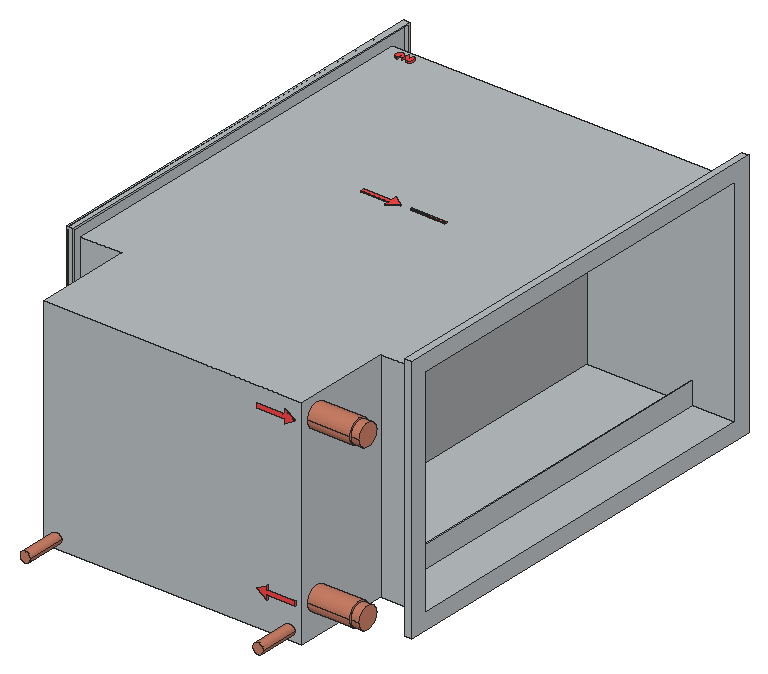
Revit family "NLRS_57_DUA_UN_rectangular-cooloer-acxkkx15-22_LT_sacs", category Duct Accessories, Revit 2023
Family settings
  Round Connector Dimension = Use Diameter
  Part Type = Breaks Into
  OmniClass Number = 23.75.10.24.21
  OmniClass Title = Cooling and Freeze Components
  Work Plane-Based = No
  Always vertical = Yes
  Cut with Voids When Loaded = No
  Shared = No
Parameters (values of type "ACxKKx15-22")
  Water connection Right [instance] = yes
  Type IFC Predefined Type = "Cooler"
  SACS_Y_Offset2 [instance] = if(Water connection Right, SACS_Duct_Width + SACS_Length_Y - 20 mm, 65 mm)  # 545 mm
  SACS_Y_Offset [instance] = if(Water connection Right, 0 mm, SACS_Length_Y + 45 mm)  # 0 mm
  SACS_Warning_Text_Size [instance] = if(SACS_Warning_Size, "Invalid duct size. Nearest larger size selected", " ")  # " "
  SACS_Warning_Text_Other [instance] = if(SACS_Warning_Other, "Selected configuration not allowed", if([Cooler circuits (1-26)] > 22, "Use family ACxKKx23-26", if([Cooler circuits (1-26)] < 8, "Use family ACxKKx1-7", if([Cooler circuits (1-26)] < 15, "Use family ACxKKx8-14", " "))))  # " "
  SACS_Warning_Size [instance] = or(not(NLRS_M_c01_breedte = SACS_Duct_Width), not(NLRS_M_c01_hoogte = SACS_Duct_Height))  # no
  SACS_Warning_Sign [instance] = and(not(SACS_Disable_Warning), or(SACS_Warning_Size, SACS_Warning_Other))  # no
  SACS_Warning_Other [instance] = or([Cooler rows (2-10)] < 2, [Cooler rows (2-10)] > 10, [Cooler circuits (1-26)] < 1, [Cooler circuits (1-26)] > 26)  # no
  SACS_Use_Manual_Airflow [instance] = no
  SACS_Right_Box [instance] = if(Water connection Right, SACS_Duct_Width + SACS_Length_Y, SACS_Y_Offset - 1 mm)  # 565 mm
  SACS_Plenum_L [instance] = if(SACS_Index1 < 7 mm, 400 mm, 500 mm)  # 400 mm
  SACS_Offset2 [instance] = if(Water connection Right, SACS_Right_Box + 45 mm, 45 mm)  # 610 mm
  SACS_Offset1 [instance] = if(Water connection Right, SACS_Right_Box, 0 mm)  # 565 mm
  SACS_Model [instance] = size_lookup(SACS_Data_Hidden, "Model", "NB", SACS_Duct_Width, SACS_Duct_Height, SACS_Index1, SACS_Index2, SACS_Index3)  # "AC2KKR-25-15 450x250"
  SACS_Manual_Airflow [instance] = 0.0 m³/h
  SACS_Left_Box [instance] = if(Water connection Right, SACS_Duct_Width + 1 mm, 45 mm)  # 451 mm
  SACS_Index3 [instance] = if(Water connection Right, 0 mm, 1 mm)  # 0 mm
  SACS_Index2 [instance] = if([Cooler circuits (1-26)] < 1, 1, if([Cooler circuits (1-26)] > 26, 26, [Cooler circuits (1-26)])) * 1 mm  # 15 mm
  SACS_Index1 [instance] = if([Cooler rows (2-10)] < 2, 2, if([Cooler rows (2-10)] > 10, 10, [Cooler rows (2-10)])) * 1 mm  # 2 mm
  SACS_Disable_Warning [instance] = no
  SACS_Data_Hidden [instance] = if(Water connection Right, "AC-KKR_15-22", "AC-KKL_15-22")  # "AC-KKR_15-22"
  SACS_Battery_Length [instance] = SACS_Index1 * 28  # 56 mm
  URL = "https://solid-air.nl/producten/solid-air-nakoeler-ac-k/"
  Type Comments = "Check flow directions, do not mirror!"  # constant formula
  SACS_Y_Offset3 [instance] = if(Water connection Right, -1 mm, SACS_Length_Y - 1 mm)  # -1 mm
  SACS_Type_Mark [instance] = ""
  SACS_Offset_RL [instance] = if(Water connection Right, 20 mm, SACS_Duct_Width + SACS_Length_Y - 19 mm)  # 20 mm
  SACS_Length_Y [instance] = 90 mm + NLRS_P_c01_diameter  # 115 mm
  SACS_Index_Side [instance] = if(Water connection Right, 0, 1)  # 0
  SACS_Flange_Height [instance] = if(or(SACS_Duct_Height > 650 mm, SACS_Duct_Width > 650 mm), 29 mm, 19 mm)  # 19 mm
  SACS_Duct_Width [instance] = if(roundup(NLRS_M_c01_breedte / 50 mm) * 50 < 200, 200 mm, if(roundup(NLRS_M_c01_breedte / 50 mm * 50) > 2000, 2000 mm, roundup(NLRS_M_c01_breedte / 50 mm) * 50 mm))  # 450 mm
  SACS_Duct_Height [instance] = if(roundup(NLRS_M_c01_hoogte / 50 mm) * 50 < 200, 200 mm, if(roundup(NLRS_M_c01_hoogte / 50 mm * 50) > 1600, 1600 mm, roundup(NLRS_M_c01_hoogte / 50 mm) * 50 mm))  # 250 mm
  SACS_Diameter2 [instance] = NLRS_P_c01_diameter + 2 mm  # 27 mm
  SACS_Air_Flow [instance] = 0.0 m³/h
  SA-Select [instance] = "https://saselect.solid-air.nl/"
  NLRS_P_c01_drukverlies_statisch [instance] = 0.0 Pa
  NLRS_P_c01_diameter [instance] = if([Cooler circuits (1-26)] < 8, 15 mm, if([Cooler circuits (1-26)] < 15, 20 mm, if([Cooler circuits (1-26)] < 23, 25 mm, 32 mm)))  # 25 mm
  NLRS_M_c01_hoogte [instance] = 250 mm
  NLRS_M_c01_drukverlies_statisch [instance] = 0.0 Pa
  NLRS_M_c01_breedte [instance] = 450 mm
  NLRS_C_model [instance] = SACS_Model  # "AC2KKR-25-15 450x250"
  NLRS_C_description = Description  # "Cooling battery AC_KK - Rectangular connector - Solid Air"
  NLRS_C_content_versie = "4.23.01"  # constant formula
  NLRS_C_content_provider = "Solid Air Climate Solutions"  # constant formula
  NLRS_C_content_datum_uitgifte = "01-04-2026"  # constant formula
  NLRS_C_content_creator = "J. Feeke"  # constant formula
  NLRS_C_artikel_code [instance] = size_lookup(SACS_Data_Hidden, "Artikelcode", "NB", SACS_Duct_Width, SACS_Duct_Height, SACS_Index1, SACS_Index2, SACS_Index3)  # "NB"
  Export Type to IFC As = "IfcHeatExchanger"
  Default Elevation = 0 mm
  NLRS_P_c01_volumestroom [instance] = 0.0 L/s
  NLRS_M_c01_debiet [instance] = abs(if(SACS_Use_Manual_Airflow, SACS_Manual_Airflow, SACS_Air_Flow))  # 0.0 m³/h
  Model = "AC_KK"  # constant formula
  Manufacturer = "Solid Air Climate Solutions"  # constant formula
  LoadBearing [instance] = 1 = 0  # no
  Keynote = ""
  IsExternal [instance] = 1 = 0  # no
  IfcExportType = "Cooler"  # constant formula
  IfcExportAs = "IfcHeatExchanger"  # constant formula
  IfcDescription = Description  # "Cooling battery AC_KK - Rectangular connector - Solid Air"
  Cooler rows (2-10) [instance] = 2
  FireRating [instance] = "00"  # constant formula
  Description = "Cooling battery AC_KK - Rectangular connector - Solid Air"  # constant formula
  Cost = 0
  Cooler circuits (1-26) [instance] = 15
  Assembly Code = "57.00"
Reference planes
  plane 1 "Center (Front/Back)": y = 0
  plane 2: z = 0
  plane 3 "Center (Left/Right)": x = 0
  plane 4 "top": z = 125
  plane 5 "bottom": z = -125
  plane 6 "left": x = -200
  plane 7 "right": x = 200
  plane 8 "back": y = 225
  plane 9 "Front": y = -225
  plane 10 "box": y = -340
  plane 11: y = -226
  plane 12: y = 225
Forms (mm)
  Sweep 1, solid, material "NLRS_57_sendzimir verzinkt_gen_sacs", detail levels medium+fine
    path in 3D
      loop
        line (0, -225, -125) -> (0, 225, -125) -> (0, 225, 125) -> (0, -225, 125) -> (0, -225, -125)
    profile "casing : casing" origin (0, -225, 0) x (0, 1, 0) y (1, 0, 0)
      loop
        line (0, -200) -> (0, 200) -> (-19, 200) -> (-19, 192.5) -> (-18, 192.5) -> (-18, 199) -> (-1, 199) -> (-1, -199) -> (-18, -199) -> (-18, -192.5) -> (-19, -192.5) -> (-19, -200) -> (0, -200)
  Extrusion 2, solid, material "NLRS_57_sendzimir verzinkt_gen_sacs", detail levels medium+fine
    sketch origin (0, 0, 0) x (1, 0, 0) y (0, 1, 0)
      loop
        line (-150, -226) -> (-150, -340) -> (150, -340) -> (150, -226) -> (-150, -226)
    from -126 to 126
  Extrusion 3, solid, material "Koper", detail levels medium+fine
    sketch origin (200, 0, 0) x (0, 1, 0) y (0, 0, 1)
      loop
        circle (-320, 105) r 13.5
      loop
        circle (-320, -85) r 13.5
    from -50 to 0
  Extrusion 4, solid, material "Koper", detail levels medium+fine
    sketch origin (200, 0, 0) x (0, 1, 0) y (0, 0, 1)
      loop
        circle (-320, 105) r 12.5
      loop
        circle (-320, -85) r 12.5
    from 0 to 10
  Extrusion 5, solid, material "NLRS_57_anodised aluminium_gen_sacs", detail levels medium+fine
    sketch origin (0, 0, 0) x (1, 0, 0) y (0, 1, 0)
      loop
        line (-28, 225) -> (-28, -225) -> (28, -225) -> (28, 225) -> (-28, 225)
    from -125 to 125
  Extrusion 6, solid, material "SACS_Label", detail levels medium+fine
    sketch origin (0, 0, 125) x (-1, 0, 0) y (0, -1, 0)
      loop
        line (-4.439, -1) -> (-4.439, 1) -> (-44.439, 1) -> (-44.439, -1) -> (-4.439, -1)
    from 1 to 2
  Extrusion 7, solid, material "Koper", detail levels medium+fine
    sketch origin (0, 0, 0) x (1, 0, 0) y (0, 0, 1)
      loop
        circle (-135, -115) r 6
      loop
        circle (135, -115) r 6
    from 340 to 385
  Extrusion 8, solid, material "NLRS_57_sendzimir verzinkt_gen_sacs", detail levels medium+fine
    sketch origin (0, 0, 0) x (1, 0, 0) y (0, 0, 1)
      loop
        line (149, -100) -> (149, -125) -> (150, -125) -> (150, -100) -> (149, -100)
      loop
        line (-150, -100) -> (-150, -125) -> (-149, -125) -> (-149, -100) -> (-150, -100)
    from -225 to 225
Cuts and joins
  joined: Sweep 1, Extrusion 2
Lines and regions (mm)
  model lines, not visible
    curve 1: line (0, 225, 125) -> (0, -225, 125)
    curve 2: line (0, 225, -125) -> (0, 225, 125)
    curve 3: line (0, -225, -125) -> (0, 225, -125)
    curve 4: line (0, -225, 125) -> (0, -225, -125)
  sketch lines
    curve 5: line (0, -225, 125) -> (0, -225, -125)
    curve 6: line (0, 225, 125) -> (0, -225, 125)
    curve 7: line (0, 225, -125) -> (0, 225, 125)
    curve 8: line (0, -225, -125) -> (0, 225, -125)
Dimensions and locks
  equal spacing: plane 4 "top", level, plane 5 "bottom"
  "SACS_Duct_Height": plane 4 "top" to plane 5 "bottom"
  equal spacing: plane 6 "left", plane 3 "Center (Left/Right)", plane 7 "right"
  equal spacing: plane 8 "back", plane 1 "Center (Front/Back)", plane 9 "Front"
  "SACS_Duct_Width": plane 8 "back" to plane 9 "Front"
  "SACS_Plenum_L": plane 6 "left" to plane 7 "right"
  "SACS_Y_Offset": plane 12 to plane 8 "back"
  "SACS_Left_Box": plane 12 to plane 11
  "SACS_Right_Box": plane 12 to plane 10 "box"
  locked: Extrusion 2 sketch curve to plane 7 "right" at 50
  locked: plane 6 "left" to Extrusion 2 sketch curve at 50
  locked: Extrusion 2 to plane 4 "top" at 1
  locked: plane 5 "bottom" to Extrusion 2 at 1
  "SACS_Y_Offset2": Extrusion 3 sketch curve to plane 12
  locked: plane 4 "top" to Extrusion 3 sketch curve at 20
  locked: Extrusion 3 sketch curve to plane 5 "bottom" at 40
  "SACS_Y_Offset2": plane 12 to Extrusion 3 sketch curve
  locked: Extrusion 3 to plane 7 "right" at 50
  locked: Extrusion 4 sketch curve to plane 5 "bottom" at 40
  locked: plane 4 "top" to Extrusion 4 sketch curve at 20
  "SACS_Y_Offset2": plane 12 to Extrusion 4 sketch curve  (x2)
  locked: plane 7 "right" to Extrusion 4 at 10
  equal spacing: Extrusion 5 sketch curve, plane 3 "Center (Left/Right)", Extrusion 5 sketch curve
  "SACS_Battery_Length": Extrusion 5 sketch curve to Extrusion 5 sketch curve
  locked: plane 7 "right" to nested 1 at 80
  locked: plane 7 "right" to nested 2 at 80
  locked: nested 3 to plane 3 "Center (Left/Right)" at 30
  Extrusion 6 sketch curve to plane 1 "Center (Front/Back)" to Extrusion 6 sketch curve = 1 mm locked, 1 mm locked
  locked: plane 6 "left" to nested 4 at 25
  locked: plane 8 "back" to nested 4 at 10
  "SACS_Offset1": plane 12 to Extrusion 7
  "SACS_Offset2": plane 12 to Extrusion 7
  locked: Extrusion 7 sketch curve to plane 5 "bottom" at 10  (x2)
  locked: Extrusion 7 sketch curve to plane 6 "left" at 65
  locked: plane 7 "right" to Extrusion 7 sketch curve at 65
  locked: plane 7 "right" to Extrusion 8 sketch curve at 51
  locked: plane 7 "right" to Extrusion 8 sketch curve at 50
  locked: Extrusion 8 sketch curve to plane 5 "bottom" at 25  (x2)
  locked: Extrusion 8 sketch curve to plane 6 "left" at 50
  locked: Extrusion 8 sketch curve to plane 6 "left" at 51
  locked: nested 1 to plane 5 "bottom" at 40
  locked: plane 4 "top" to nested 2 at 20
  "SACS_Diameter2": diameter of Extrusion 3 sketch curve  (x2)
  "NLRS_P_c01_diameter": diameter of Extrusion 4 sketch curve  (x2)
  aligned and locked: level to plane 2
  aligned and locked: curve 1 to plane 4 "top"
  aligned and locked: plane 9 "Front" to curve 4
  aligned and locked: plane 5 "bottom" to curve 3
  aligned and locked: curve 2 to plane 8 "back"
  aligned and locked: Extrusion 2 sketch curve to plane 11
  aligned and locked: plane 10 "box" to Extrusion 2 sketch curve
  aligned and locked: Extrusion 3 to plane 7 "right"
  aligned and locked: plane 8 "back" to Extrusion 5
  aligned and locked: Extrusion 5 to plane 9 "Front"
  aligned and locked: Extrusion 5 to plane 5 "bottom"
  aligned and locked: plane 4 "top" to Extrusion 5
  aligned and locked: plane 1 "Center (Front/Back)" to nested 3
  aligned and locked: plane 3 "Center (Left/Right)" to nested 5
  aligned and locked: plane 5 "bottom" to Extrusion 8 sketch curve
  aligned and locked: Extrusion 8 to plane 9 "Front"
  aligned and locked: plane 8 "back" to Extrusion 8
Automatic sketch dimensions
  plane 3 "Center (Left/Right)" to Extrusion 6 sketch curve = 44.439 mm
  plane 3 "Center (Left/Right)" to Extrusion 6 sketch curve = 4.439 mm
  Extrusion 8 sketch curve to plane 5 "bottom" = 0 mm
  Extrusion 5 sketch curve to plane 9 "Front" = 0 mm
  Extrusion 5 sketch curve to plane 8 "back" = 0 mm
  radius of Extrusion 7 sketch curve = 6 mm  (x2)
Nested families
  nested 1: "arrow" at (120, -341, -85) x (-1, 0, 0) z (0, 1, 0), built-in parameter 1001364 <- "SACS_Y_Offset3", type "arrow", detail levels medium+fine
  nested 2: "arrow" at (120, -341, 105) x (1, 0, 0) z (0, 1, 0), built-in parameter 1001364 <- "SACS_Y_Offset3", type "arrow", detail levels medium+fine
  nested 3: "arrow" at (-30, 0, 126), type "arrow", detail levels medium+fine
  nested 4: "logo_single" at (-175, 215, 125), type "logo_single", detail levels medium+fine
  nested 5: "NK-Symbol" at (0, 0, 125), type "NK-Top", detail levels coarse
  nested 6: "Warning" at (0, 0, 125), visible <- "SACS_Warning_Size", type "Warning", detail levels medium+fine
  nested 7: "NK-Symbol" at (0, 0, 0) x (1, 0, 0) z (0, -1, 0), type "NK-Side"
Connectors
  hvac at (-200, 0, 0), driven by "NLRS_M_c01_hoogte", driven by "NLRS_M_c01_breedte", driven by "NLRS_M_c01_debiet", driven by "NLRS_M_c01_drukverlies_statisch"
    settings: on cut or joined group of Sweep 1, Extrusion 2, index 1, duct flow 0.0 m³/h, flow factor 0, pres drop 0.0 Pa, loss coef 0, conn angle 0.00°, conn width 450 mm, conn height 250 mm, conn diameter 609.6 mm, duct sys type 29, conn prof type 1, flow config 1, flow direction 1, loss method 4, conn ref index -1, conn util no, is conn primary yes, conn desc ""
  hvac at (200, 0, 0), driven by "NLRS_M_c01_hoogte", driven by "NLRS_M_c01_breedte", driven by "SACS_Air_Flow"
    settings: on cut or joined group of Sweep 1, Extrusion 2, index 2, duct flow 0.0 m³/h, flow factor 0, pres drop 0.0 Pa, loss coef 0, conn angle 0.00°, conn width 450 mm, conn height 250 mm, conn diameter 609.6 mm, duct sys type 29, conn prof type 1, flow config 0, flow direction 2, loss method 0, conn ref index -1, conn util no, is conn primary no, conn desc ""
  piping at (200, -320, -85), diameter 25, driven by "NLRS_P_c01_diameter", driven by "NLRS_P_c01_volumestroom", driven by "NLRS_P_c01_drukverlies_statisch"
    settings: on Extrusion 4, index 3, connector inside diameter 24", connector length 0 mm, flow factor 0, pipe flow 0.0 L/s, pressure drop 0.0 Pa, fitting loss kfactor 0, connector angle 0.00°, fixture units 0, engagement length 0 mm, angle of deflection 0.00°, flow configuration 1, flow direction 1, fitting loss method 4, system type 7, joint type 0, gender type 0, connector reference index -1, connector utility 0, adjustable connector no, is connector primary yes, connector description ""
  piping at (200, -320, 105), diameter 25, driven by "NLRS_P_c01_diameter", driven by "NLRS_P_c01_volumestroom", driven by "NLRS_P_c01_drukverlies_statisch"
    settings: on Extrusion 4, index 4, connector inside diameter 24", connector length 0 mm, flow factor 0, pipe flow 0.0 L/s, pressure drop 0.0 Pa, fitting loss kfactor 0, connector angle 0.00°, fixture units 0, engagement length 0 mm, angle of deflection 0.00°, flow configuration 1, flow direction 2, fitting loss method 4, system type 8, joint type 0, gender type 0, connector reference index -1, connector utility 0, adjustable connector no, is connector primary no, connector description ""
Definition of nested family "arrow"
  Parameters (values of type "arrow")
    Default Elevation = 1219.2 mm
  Reference planes
    plane 1 "Center (Front/Back)": y = 0
    plane 2: z = 0
    plane 3 "Center (Left/Right)": x = 0
  Forms (mm)
    Extrusion 1, solid
      sketch origin (0, 48.354, 0) x (-1, 0, 0) y (0, -1, 0)
        loop
          line (22.513, 50.854) -> (-10.002, 50.854) -> (-10.002, 55.854) -> (-22.513, 48.354) -> (-10.002, 40.854) -> (-10.002, 45.854) -> (22.513, 45.854) -> (22.513, 50.854)
      from 0 to 1
  Dimensions and locks
    aligned and locked: level to plane 2
Definition of nested family "logo_single"
  Parameters (values of type "logo_single")
    t = 5 mm
    Model = "LOD 400"
    Description = "Model type"
    Default Elevation = 1219.2 mm
  Reference planes
    plane 1 "Center (Front/Back)": y = 0
    plane 2: z = 0
    plane 3 "Center (Left/Right)": x = 0
    plane 4: z = 2
    plane 5: x = -10
    plane 6: y = -5
    plane 7: y = 5
    plane 8: x = -5
    plane 9: x = 5
    plane 10: x = 10
  Forms (mm)
    Extrusion 1, solid
      sketch origin (-547.644, -297.937, 0) x (1, 0, 0) y (0, 1, 0)
        loop
          arc (542.644, 302.937) -> (537.644, 297.937) -> (542.644, 292.937) r 5
          line (542.644, 292.937) -> (542.644, 297.937) -> (547.644, 292.937) -> (547.644, 297.937) -> (542.644, 302.937)
      from 0 to 2
    Extrusion 2, solid
      sketch origin (0, 0, 0) x (1, 0, 0) y (0, 1, 0)
        loop
          arc (5, -5) -> (10, 0) -> (5, 5) r 5
          line (5, 5) -> (5, 0) -> (0, 5) -> (0, 0) -> (5, -5)
      from 0 to 2
  Dimensions and locks
    "t": plane 7 to plane 1 "Center (Front/Back)"
    "t": plane 6 to plane 1 "Center (Front/Back)"
    "t": plane 5 to plane 8
    "t": plane 8 to plane 3 "Center (Left/Right)"
    "t": plane 3 "Center (Left/Right)" to plane 9
    "t": plane 9 to plane 10
    aligned and locked: level to plane 2
    aligned and locked: plane 4 to Extrusion 1
  Automatic sketch dimensions
    plane 1 "Center (Front/Back)" to Extrusion 1 sketch curve = 0 mm  (x3)
    Extrusion 1 sketch curve to plane 8 = 0 mm
    Extrusion 1 sketch curve to plane 7 = 0 mm
    Extrusion 1 sketch curve to plane 3 "Center (Left/Right)" = 0 mm
    Extrusion 1 sketch curve to plane 6 = 0 mm
    Extrusion 2 sketch curve to plane 3 "Center (Left/Right)" = 0 mm
    plane 1 "Center (Front/Back)" to Extrusion 2 sketch curve = 0 mm  (x3)
    Extrusion 2 sketch curve to plane 6 = 0 mm
    Extrusion 2 sketch curve to plane 9 = 0 mm
    Extrusion 2 sketch curve to plane 7 = 0 mm
Definition of nested family "NK-Symbol"
  Parameters (values of type "NK-Symbol")
    Width = 450 mm
    Length = 400 mm
    Half_Width = Width / 2  # 225 mm
  Reference planes
    plane 1 "Center (Front/Back)": y = 0
    plane 2: z = 0
    plane 3 "Center (Left/Right)": x = 0
    plane 4: x = -200
    plane 5: x = 200
    plane 6: y = -225
    plane 7: y = 225
    plane 8: x = 150
    plane 9: x = -175
    plane 10: y = 200
    plane 11: x = -417.698
    plane 12: y = 67.059
  Lines and regions (mm)
    detail lines, in view "Ref. Level"
      curve 1: line (-200, 225, 0) -> (200, 225, 0)
      curve 2: line (-200, -225, 0) -> (-200, 225, 0)
      curve 3: line (200, -225, 0) -> (-200, -225, 0)
      curve 4: line (200, 225, 0) -> (200, -225, 0)
      curve 5: line (-200, -225, 0) -> (200, 225, 0)
      curve 6: line (125, 0, 0) -> (175, 0, 0)
      curve 7: line (-191.355, 212.5, 0) -> (-191.355, 187.5, 0)
      curve 8: line (-191.355, 200, 0) -> (-178.855, 212.5, 0)
      curve 9: line (-178.855, 187.5, 0) -> (-191.355, 200, 0)
      curve 13: spline (-163.429, 187.5, 0) -> (-165.461, 187.926, 0) -> (-167.355, 189.175, 0) -> (-168.98, 191.161, 0) -> (-170.228, 193.75, 0) -> (-171.012, 196.765, 0) -> (-171.28, 200, 0) -> (-171.012, 203.235, 0) -> (-170.228, 206.25, 0) -> (-168.98, 208.839, 0) -> (-167.355, 210.825, 0) -> (-165.461, 212.074, 0) -> (-163.429, 212.5, 0) -> (-161.397, 212.074, 0) -> (-159.504, 210.825, 0) -> (-157.878, 208.839, 0) -> (-156.631, 206.25, 0) -> (-155.846, 203.235, 0) -> (-155.579, 200, 0) -> (-155.846, 196.765, 0) -> (-156.631, 193.75, 0) -> (-157.878, 191.161, 0) -> (-159.504, 189.175, 0) -> (-161.397, 187.926, 0) -> (-163.429, 187.5, 0)
    detail lines, in view "Ref. Level", not visible
      curve 10: line (-434.053, 79.559, 0) -> (-434.053, 54.559, 0)
      curve 11: line (-434.053, 67.059, 0) -> (-421.553, 79.559, 0)
      curve 12: line (-421.553, 54.559, 0) -> (-434.053, 67.059, 0)
      curve 14: spline (-406.128, 54.559, 0) -> (-408.16, 54.985, 0) -> (-410.053, 56.234, 0) -> (-411.679, 58.22, 0) -> (-412.926, 60.809, 0) -> (-413.711, 63.824, 0) -> (-413.978, 67.059, 0) -> (-413.711, 70.294, 0) -> (-412.926, 73.309, 0) -> (-411.679, 75.898, 0) -> (-410.053, 77.884, 0) -> (-408.16, 79.133, 0) -> (-406.128, 79.559, 0) -> (-404.096, 79.133, 0) -> (-402.202, 77.884, 0) -> (-400.577, 75.898, 0) -> (-399.329, 73.309, 0) -> (-398.545, 70.294, 0) -> (-398.277, 67.059, 0) -> (-398.545, 63.824, 0) -> (-399.329, 60.809, 0) -> (-400.577, 58.22, 0) -> (-402.202, 56.234, 0) -> (-404.096, 54.985, 0) -> (-406.128, 54.559, 0)
  Dimensions and locks
    "Half_Width": plane 1 "Center (Front/Back)" to plane 6
    "Half_Width": plane 7 to plane 1 "Center (Front/Back)"
    "Length": plane 4 to plane 5
    equal spacing: plane 4, plane 3 "Center (Left/Right)", plane 5
    locked: curve 6 to plane 8 at 25
    locked: plane 8 to curve 6 at 25
    locked: plane 4 to plane 9 at 25
    locked: plane 7 to plane 10 at 25
    locked: plane 8 to plane 5 at 50
    aligned and locked: plane 4 to curve 2
    aligned and locked: curve 1 to plane 7
    aligned and locked: curve 4 to plane 5
    aligned and locked: plane 6 to curve 3
    aligned and locked: plane 1 "Center (Front/Back)" to curve 6
  Automatic sketch dimensions
    curve 5 to plane 4 = 0 mm
    curve 7 to curve 9 = 12.5 mm
    curve 7 to curve 8 = 12.5 mm  (x2)
    curve 7 to curve 9 = 0 mm
    curve 13 to curve 13 = 12.5 mm
    curve 8 to curve 7 = 12.5 mm
    curve 9 to curve 13 = 15.425 mm
    curve 9 to curve 13 = 12.5 mm
    curve 10 to curve 12 = 12.5 mm
    curve 10 to curve 11 = 12.5 mm  (x2)
    curve 10 to curve 12 = 0 mm
    curve 14 to curve 14 = 12.5 mm
    curve 11 to curve 10 = 12.5 mm
    curve 12 to curve 14 = 15.425 mm
    curve 12 to curve 14 = 12.5 mm
Definition of nested family "Warning"
  Parameters (values of type "Warning")
    straal = 1000 mm
  Reference planes
    plane 1 "Center (Front/Back)": y = 0
    plane 2: z = 0
    plane 3 "Center (Left/Right)": x = 0
  Lines and regions (mm)
    Filled region 1, type "Solid Fill - Black", in view "Ref. Level"
      outline origin (0, 0, 0) x (1, 0, 0) y (0, 1, 0)
        loop
          line (-25.8, 75) -> (-20, -12.003) -> (20, -12.003) -> (25.8, 75) -> (-25.8, 75)
        loop
          circle (0, -50) r 25
